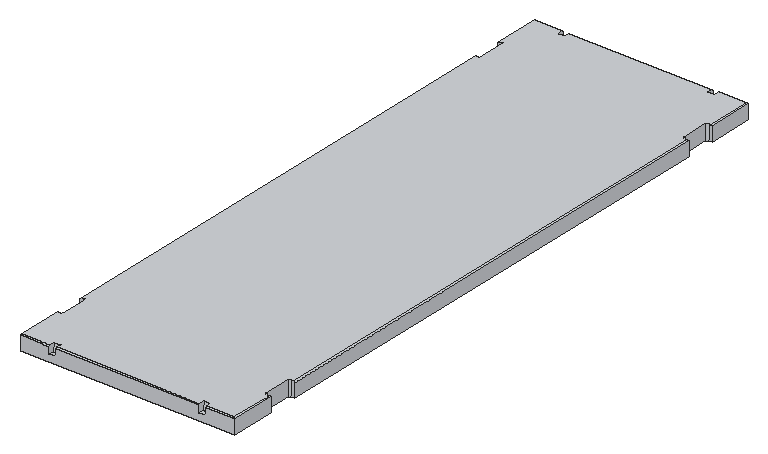
Revit family "PDN-14!!!!!!", category Фундамент несущей конструкции, Revit 2025
Family settings
  Материал для поведения модели = Прочее
  Заглушка = Нет
  Номер OmniClass = 23.25.05.00
  Заголовок OmniClass = Foundations
  На основе рабочей плоскости = Нет
  Всегда вертикально = Да
  При загрузке вырезать с полостями = Нет
  Общий = Нет
  Показывать семейство разрезанным на планах = Да
Reference planes
  plane 1 "По центру (Вперед/Назад)": y = 2594.938
  plane 2: z = 0
  plane 3 "По центру (Влево/Вправо)": x = 0
  plane 4: z = 0
  plane 5: y = 2474.938
  plane 6: y = 2444.938
Forms (mm)
  Extrusion 1, solid
    sketch origin (0, -405.062, 0) x (-1, 0, 0) y (0, 0, 1)
      loop
        line (-1000, 0) -> (1000, 0) -> (1000, 140) -> (-1000, 140) -> (-1000, 0)
    from 0 to 6000
  Sweep 2, void
    path in 3D
      loop
        line (1000, -405.062, 140) -> (-1000, -405.062, 140) -> (-1000, 5594.938, 140) -> (1000, 5594.938, 140) -> (1000, -405.062, 140)
    profile origin (1000, 2594.938, 140) x (1, 0, 0) y (0, 0, 1)
      loop
        line (0, 0) -> (-10, 0) -> (0, -10) -> (0, 0)
  Extrusion 3, void
    sketch origin (0, 0, 0) x (1, 0, 0) y (0, 1, 0)
      loop
        line (970, 4894.938) -> (1000, 4894.938) -> (1000, 5174.938) -> (970, 5174.938)
        arc (970, 5174.938) -> (955.858, 5169.08) -> (950, 5154.938) r 20
        line (950, 5154.938) -> (950, 4914.938)
        arc (950, 4914.938) -> (955.858, 4900.796) -> (970, 4894.938) r 20
    from 0 to 140
  Extrusion 4, void
    sketch origin (0, 0, 0) x (-1, 0, 0) y (0, -1, 0)
      loop
        arc (970, -4894.938) -> (955.858, -4900.796) -> (950, -4914.938) r 20
        line (950, -4914.938) -> (950, -5154.938)
        arc (950, -5154.938) -> (955.858, -5169.08) -> (970, -5174.938) r 20
        line (970, -5174.938) -> (1000, -5174.938) -> (1000, -4894.938) -> (970, -4894.938)
    from 0 to 140
  Extrusion 5, void
    sketch origin (0, 5189.877, 0) x (1, 0, 0) y (0, 1, 0)
      loop
        arc (970, -4894.938) -> (955.858, -4900.796) -> (950, -4914.938) r 20
        line (950, -4914.938) -> (950, -5154.938)
        arc (950, -5154.938) -> (955.858, -5169.08) -> (970, -5174.938) r 20
        line (970, -5174.938) -> (1000, -5174.938) -> (1000, -4894.938) -> (970, -4894.938)
    from 0 to 140
  Extrusion 6, void
    sketch origin (0, 5189.877, 0) x (-1, 0, 0) y (0, -1, 0)
      loop
        line (970, 4894.938) -> (1000, 4894.938) -> (1000, 5174.938) -> (970, 5174.938)
        arc (970, 5174.938) -> (955.858, 5169.08) -> (950, 5154.938) r 20
        line (950, 5154.938) -> (950, 4914.938)
        arc (950, 4914.938) -> (955.858, 4900.796) -> (970, 4894.938) r 20
    from 0 to 140
  Extrusion 7, void
    sketch origin (0, 0, 5) x (0, 1, 0) y (0, 0, -1)
      loop
        line (5594.938, -65) -> (5554.938, -65) -> (5539.938, -135) -> (5584.938, -135) -> (5594.938, -125) -> (5594.938, -65)
    from -670 to -730.028
  Extrusion 8, void
    sketch origin (0, 0, 5) x (0, 1, 0) y (0, 0, 1)
      loop
        line (5594.938, 65) -> (5594.938, 125) -> (5584.938, 135) -> (5539.938, 135) -> (5554.938, 65) -> (5594.938, 65)
    from -670 to -730.028
  Extrusion 9, void
    sketch origin (0, 5189.877, 5) x (0, -1, 0) y (0, 0, 1)
      loop
        line (5594.938, 65) -> (5594.938, 125) -> (5584.938, 135) -> (5539.938, 135) -> (5554.938, 65) -> (5594.938, 65)
    from -670 to -730.028
  Extrusion 10, void
    sketch origin (0, 5189.877, 5) x (0, -1, 0) y (0, 0, -1)
      loop
        line (5594.938, -65) -> (5554.938, -65) -> (5539.938, -135) -> (5584.938, -135) -> (5594.938, -125) -> (5594.938, -65)
    from -670 to -730.028
Cuts and joins
  Sweep 2, Extrusion 3, Extrusion 4, Extrusion 5, Extrusion 6, Extrusion 7, Extrusion 8, Extrusion 9, Extrusion 10 cuts Extrusion 1
Lines and regions (mm)
  sketch lines
    curve 1: line (1000, 5594.938, 140) -> (1000, -405.062, 140)
    curve 2: line (-1000, 5594.938, 140) -> (1000, 5594.938, 140)
    curve 3: line (-1000, 5594.938, 140) -> (-1000, -405.062, 140)
    curve 4: line (1000, -405.062, 140) -> (-1000, -405.062, 140)
Dimensions and locks
  aligned and locked: plane 2 to level
